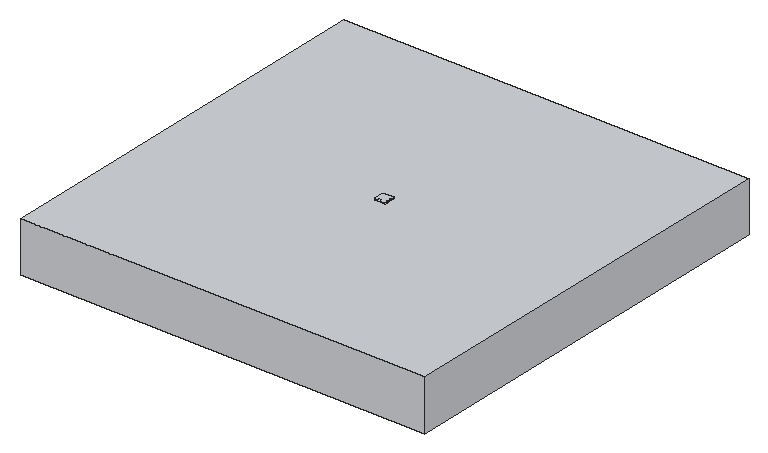
Revit family "Gira_011600", category Allgemeines Modell, Revit 2017
Family settings
  Basisbauteil = Fläche
  Kann Basisbauteil für Bewehrung sein = Nein
  Bemaßung runder Anschluss = Durchmesser verwenden
  Teiletyp = Normal
  Beim Laden mit Abzugskörper schneiden = Nein
  Gemeinsam genutzt = Nein
  Raumberechnungspunkt = Nein
Parameters
  With mounting plate = no
  Wiring system = "Two-way switch"
  Washing machine switch = no
  Default Elevation = 1219.2 mm
  URL = "https://www.gira.de/"
  Typname = "Rock.ind.sw. off/2-way Insert"
  Type of load = "Other"
  Type of lighting = "Glow lamp"
  Type of fastening = "Mounting with claw and screw"
  Transparent = no
  Surface protection = "Other"
  Suitable for degree of protection (IP) = "IP20"
  Substation input = no
  Serial dimmer = no
  Rated current = 10 A
  Push button switch = no
  Productwebsite = "http://katalog.gira.de/en/datenblatt.html?artikelnr=011600"
  Number of rockers = 1
  Number of modules (module system) = 1
  Nominal voltage [Volt] 1 = "[230:230]"
  Nominal voltage [Volt] = 250
  Mounting method = "Flush mounted (plaster)"
  Method of operation = "Rocker/button"
  Material quality = "Other"
  Material = "Other"
  Light value memory = no
  Label space/information surface 1 = "No"
  Illumination = "Yes"
  Hersteller = "Gira"
  Halogen free = no
  HAN = "011600"
  GTIN = "4010337116004"
  Function lighting = "Illuminated (on)"
  Frequency [Hz] = "[50:60]"
  Feedback-signal contact = no
  Dimming phase cut-on = no
  Dimming phase cut-off = no
  Data sheet = "https://katalog.gira.de/en/download.html?artikelnr=011600"
  Connection type = "Plug clamp"
  Colour = "Other"
  Beschreibung = "Rock.ind.sw.off 2-w Ins.,Rocker indicator switch insert 10 AX 250 V~ with neon lamp element 230 V,,Universal off 2-way switch,Notes :,- Can also be connected with illumination."
  BIM = "https://media.stage.bim.site/public/gira/ad86d9f/Einsatz_1fach.rfa"
  Assembly arrangement = "Basic element"
  Applicable with transmission button = no
  Applicable with time switch/timer = no
  Applicable with presence indicator = no
  Applicable with movement sensor = no
  Applicable with infrared button = no
  Applicable with button = yes
  App control via Bluetooth = no
Reference planes
  plane 1 "Center (Front/Back)": y = 0
  plane 2: z = 0
  plane 3 "Center (Left/Right)": x = 0
Forms (mm)
  Extrusion 1, solid
    sketch origin (0, 0, 0) x (1, 0, 0) y (0, 1, 0)
      loop
        line (-1219.2, 1219.2) -> (-1219.2, -1219.2) -> (1219.2, -1219.2) -> (1219.2, 1219.2) -> (-1219.2, 1219.2)
    from 0 to -304.8
  Extrusion 2, solid, detail levels fine
    sketch origin (0, 0, 0) x (1, 0, 0) y (0, 1, 0)
      loop
        line (27.475, 35.475) -> (-27.475, 35.475)
        arc (-27.475, 35.475) -> (-33.132, 33.132) -> (-35.475, 27.475) r 8
        line (-35.475, 27.475) -> (-35.475, -27.475)
        arc (-35.475, -27.475) -> (-33.132, -33.132) -> (-27.475, -35.475) r 8
        line (-27.475, -35.475) -> (27.475, -35.475)
        arc (27.475, -35.475) -> (33.132, -33.132) -> (35.475, -27.475) r 8
        line (35.475, -27.475) -> (35.475, 27.475)
        arc (35.475, 27.475) -> (33.132, 33.132) -> (27.475, 35.475) r 8
    from 0 to 1.8
  Extrusion 3, solid, detail levels fine
    sketch origin (0, 0, 0) x (1, 0, 0) y (0, 1, 0)
      loop
        line (9.678, 25.4) -> (-9.678, 25.4)
        arc (-9.678, 25.4) -> (-12.885, 24.922) -> (-15.814, 23.53) r 11
        arc (-15.814, 23.53) -> (-17.795, 22.07) -> (-19.641, 20.444) r 28.35
        arc (-19.641, 20.444) -> (-21.339, 18.665) -> (-22.876, 16.745) r 28.35
        arc (-22.876, 16.745) -> (-24.456, 13.666) -> (-25, 10.248) r 11
        line (-25, 10.248) -> (-25, -10.248)
        arc (-25, -10.248) -> (-24.456, -13.666) -> (-22.876, -16.745) r 11
        arc (-22.876, -16.745) -> (-20.409, -19.677) -> (-17.569, -22.25) r 28.35
        line (-17.569, -22.25) -> (17.569, -22.25)
        arc (17.569, -22.25) -> (20.409, -19.677) -> (22.876, -16.745) r 28.35
        arc (22.876, -16.745) -> (24.456, -13.666) -> (25, -10.248) r 11
        line (25, -10.248) -> (25, 10.248)
        arc (25, 10.248) -> (24.456, 13.666) -> (22.876, 16.745) r 11
        arc (22.876, 16.745) -> (21.593, 18.37) -> (20.195, 19.897) r 28.35
        arc (20.195, 19.897) -> (18.096, 21.823) -> (15.814, 23.53) r 28.35
        arc (15.814, 23.53) -> (12.885, 24.922) -> (9.678, 25.4) r 11
    from 0 to -22
  Extrusion 4, solid, detail levels medium
    sketch origin (0, 0, 0) x (1, 0, 0) y (0, 1, 0)
      loop
        line (-25, 25.4) -> (-25, -22.25) -> (25, -22.25) -> (25, 25.4) -> (-25, 25.4)
    from 0 to -22
  Extrusion 5, solid, detail levels coarse
    sketch origin (0, 0, 0) x (1, 0, 0) y (0, 1, 0)
      loop
        line (35.475, 35.475) -> (-35.475, 35.475) -> (-35.475, -35.475) -> (35.475, -35.475) -> (35.475, 35.475)
    from -22 to 1.8
  Extrusion 6, solid, detail levels medium
    sketch origin (0, 0, 0) x (1, 0, 0) y (0, 1, 0)
      loop
        line (35.475, 35.475) -> (-35.475, 35.475) -> (-35.475, -35.475) -> (35.475, -35.475) -> (35.475, 35.475)
    from 0 to 1.8
Dimensions and locks
  aligned and locked: plane 2 to Extrusion 1
  aligned and locked: level to Extrusion 1
Connectors
  electrical at (0, 0, -22)
    settings: on Extrusion 5, index 1, voltage 220 V, apparent load 0 VA, apparent load phase1 0 VA, apparent load phase2 0 VA, apparent load phase3 0 VA, power factor 1, load classification "Other", number of poles 1, system type 30, power factor state 1, is connector primary yes, connector utility no, sub classification motor no, connector description ""
